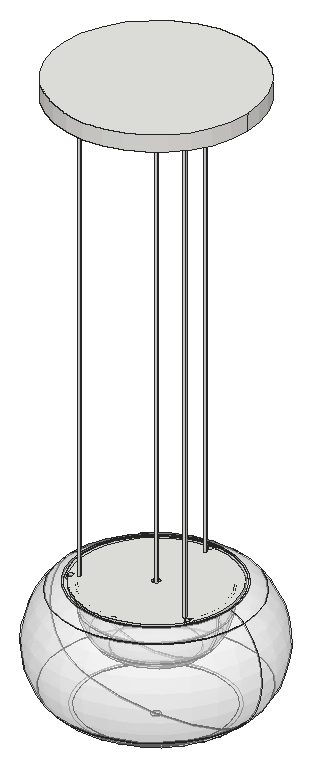
Revit family "Lighting_Pendants_Zero_Mist_Pendant", category Lighting Fixtures, Revit 2020
Family settings
  Round Connector Dimension = Use Diameter
  Part Type = Normal
  OmniClass Number = 23.80.70.00
  OmniClass Title = Lighting
  Work Plane-Based = Yes
  Always vertical = Yes
  Cut with Voids When Loaded = No
  Light Source = Yes
  Shared = No
  Room Calculation Point = No
Parameters (values of type "Mist pendant 250 LED 880LM/9W Opal")
  Youtube clip = ""
  Weight Net (Kg) = "3.8"
  Wattage = 5.92425 W
  WarrantyStartDate [instance] = "n/a"
  WarrantyGuarantorParts = "n/a"
  WarrantyGuarantorLabor = "n/a"
  WarrantyDurationUnit = "Year"
  WarrantyDurationParts = "n/a"
  WarrantyDurationLabor = "n/a"
  WarrantyDescription = "n/a"
  built-in parameter 1150110 = 1 (stored number, unit not read)
  VersionDate = "31/08/2023"  # constant formula
  Version = "3"  # constant formula
  UsageCurrent = 0 A
  Uniformat II Description = ""
  Uniformat II Code = ""
  Uniclass2015Reference = "Pr_70_70_48_86"
  Uniclass2015Description = "Suspended luminaires"
  Uniclass2 = "Pr_70_70_49_86"
  Uniclass 2015 Name = ""
  Uniclass 2015 Code = ""
  Uniclass 2.0 Description = ""
  Uniclass 2.0 Code = ""
  Uniclass 1.4 Description = ""
  Uniclass 1.4 Code = ""
  URL = "https://www.zerolighting.com/mist-inompe"
  UNSPSC Code = ""
  TotalWattage = 9 W
  built-in parameter 1114217 = 1 (stored number, unit not read)
  Tilt Angle = 90.00°
  built-in parameter 1150109 = 1 (stored number, unit not read)
  built-in parameter 1150134 = (empty or 0)
  Technical description = ""
  TagNumber [instance] = "n/a"
  SustainabilityPerformance = "n/a"
  built-in parameter 1150113 = 1 (stored number, unit not read)
  Size = "250x250x137 mm"
  Shape = "Sculptured"
  SerialNumber [instance] = "n/a"
  Revision = "5"  # constant formula
  ReplacementCost = "n/a"
  Region South America = "None"
  Region Oceania = "AU, NZ"
  Region North America = "BZ, CR, GT, HN, MX, NI, PA, SV, US"
  Region Middle East = "AE"
  Region Europe = "AD, AL, AT, AX, BA, BE, BG, BY, CH, CY, CZ, DE, DK, EE, ES, FI, FO, FR, GB, GG, GI, GR, HR, HU, IE, IM, IS, IT, JE, LI, LT, LU, LV, MC, MD, ME, MK, MT, NL, NO, PL, PT, RO, RS, RU, SE, SI, SJ, SK, SM, UA, VA"
  Region Asia = "HK, JP, SG"
  Region Antarctica = "None"
  Region Africa = "None"
  ProductInformation = "n/a"
  Product group = "Pendant"
  Product family = "Mist"
  Product certification = ""
  Product SKU = "Mist_pendant"
  Product Guid = "75491107-c07a-4c3c-99c6-d68a90697e70"
  Photometric Web File = "Mist83651.IES"
  PhaseReference = "n/a"
  PhaseAngle = 0.00°
  OmniClass Description = ""
  OmniClass Code = ""
  Offset [instance] = -CableLength - 18 mm - Nominal_Height  # -655 mm
  NumberOfSources = 0
  NumberOfPoles = 1
  Nominal_Height = 137 mm
  NominalVoltageCalc = 0 V
  NominalVoltage = 230 V
  NominalRadius = 125 mm
  NominalLength = 250 mm
  NominalFrequencyRange = 50 Hz
  NominalDiameter = 250 mm
  NominalCurrent = 0 A
  Nominal width = 0 mm
  Nominal height = 0 mm
  Name = "Zero_Mist_Pendant"  # constant formula
  NBSReference = "90-60-50/405"
  NBSDescription = "General purpose luminaires"
  NBS Reference Description = ""
  NBS Reference Code = ""
  ModelType = mist-pendel-250 : mist-pendel-250
  ModelReference = "n/a"
  ModelNumber = "8365-1-01"
  Model = "Mist pendant 250 LED 880LM/9W Opal"
  Material secondary = "Glass"
  Material main = "Steel"
  Material = "Metal and acrylic"
  Masterformat 2014 Description = ""
  Masterformat 2014 Code = ""
  ManufacturersSpecificInformation = "n/a"
  ManufacturerURL = "https://www.zerolighting.com/"
  ManufacturerName = "Zero"
  Manufacturer name = "ZERO"
  Manufacturer country = "Sweden"
  Manufacturer = "Zero"
  MaintenanceFactor = 0
  Lumens = 880 lm
  built-in parameter 1150115 = 1 (stored number, unit not read)
  built-in parameter 1150105 = 70.028 (stored number, unit not read)
  LightFixturePlacingType = "Ceiling"
  LightFixtureMountingType = "Suspended"
  LightFixtureMainMaterial = Opalwhite
  built-in parameter 1150137 = (empty or 0)
  built-in parameter 1150139 = (empty or 0)
  LensMaterial = Difused glass
  built-in parameter 1150112 = 1 (stored number, unit not read)
  built-in parameter 1150114 = 1 (stored number, unit not read)
  InsulationStandardClass = "n/a"
  InstallationDate [instance] = "n/a"
  Installation instructions = ""
  built-in parameter 1150132 = 2
  built-in parameter 1150102 = (empty or 0)
  built-in parameter 1150138 = (empty or 0)
  built-in parameter 1150107 = 3000 (stored number, unit not read)
  built-in parameter 1150106 = 0.70028 (stored number, unit not read)
  IfcExportType = "NOTDEFINED"  # constant formula
  IfcExportAs = "IfcLightFixtureType"  # constant formula
  IP_Code = "IP20"
  IFC Classification = ""
  HasProtectiveEarth = yes
  Grade = "n/a"
  GTIN code = ""
  Finish = "White painted metal, matt acrylic"
  Features = "Terminal block inside canopy"
  ExpectedLife = "n/a"
  Emit from Circle Diameter = NominalDiameter  # 250 mm
  Emit Shape Visible in Rendering = no
  ElectricalDeviceNominalPower = 0
  built-in parameter 1150104 = 13.8 (stored number, unit not read)
  Edition number = 1
  EANNumber = "n/a"
  DurationUnit = "Year"
  Dimming Lamp Color Temperature Shift = <None>
  Dimming = ""
  Designer = "Front Design 2017"
  Design country = "Sweden"
  DefaultElevation = 0 mm
  Default Elevation [instance] = 1219.2 mm
  Date of publishing = ""
  Constituents = "n/a"
  Color Filter = 16777215
  Color = "Opal"
  Collection = "Mist"
  CodePerformance = "n/a"
  Category = "Pendant"
  CableLength [instance] = 500 mm
  COBIe Type Category = ""
  Brand url = "http://www.zero.se"
  Brand = "Zero"
  Barcode [instance] = "n/a"
  built-in parameter 1114218 = 1 (stored number, unit not read)
  BIMObjectName = "Lighting_Pendants_Zero_Mist_Pendant"  # constant formula
  Author = "BIMstone"  # constant formula
  built-in parameter 1150133 = 10 (stored number, unit not read)
  AssetType = "Fixed"
  AssetIdentifier [instance] = "n/a"
  ArticleNumber = "8365-1-01"
  AccessibilityPerformance = "n/a"
Types (18, lengths in mm): name | Wattage | TotalWattage | Size | Photometric Web File | Offset | Nominal_Height | NominalRadius | NominalLength | NominalDiameter | ModelType | ModelNumber | Model | Lumens | built-in parameter 1150105 | LightFixtureMainMaterial | built-in parameter 1150106 | Emit from Circle Diameter | Dimming | Color | CableLength | ArticleNumber
  Mist pendant 250 LED 880LM/9W Opal | 5.92425 W | 9 W | "250x250x137 mm" | "Mist83651.IES" | -655 | 137 | 125 | 250 | 250 | mist-pendel-250 : mist-pendel-250 | "8365-1-01" | "Mist pendant 250 LED 880LM/9W Opal" | 880 lm | 70.028 (stored number, unit not read) | Opalwhite | 0.70028 (stored number, unit not read) | 250 | "" | "Opal" | 500 | "8365-1-01"
  Mist pendant 350 LED 1947LM/26W Opal | 13.1074 W | 26 W | "350x350x193 mm" | "Mist83653.IES" | -811 | 193 | 175 | 350 | 350 | mist-pendel-350 : mist-pendel-350 | "8365-3-01" | "Mist pendant 350 LED 1947LM/26W Opal" | 1947 lm | 352.55 (stored number, unit not read) | Opalwhite | 3.5255 (stored number, unit not read) | 350 | "" | "Opal" | 600 | "8365-3-01"
  Mist pendant 450 LED 2130LM/26W Opal | 14.3394 W | 26 W | "450x450x247 mm" | "Mist83655.IES" | -865 | 247 | 225 | 450 | 450 | mist-pendel-450 : mist-pendel-450 | "8365-5-01" | "Mist pendant 450 LED 2130LM/26W Opal" | 2130 lm | 385.69 (stored number, unit not read) | Opalwhite | 3.8569 (stored number, unit not read) | 450 | "" | "Opal" | 600 | "8365-5-01"
  Mist pendant 250 LED 880LM/9W Yellow | 5.92425 W | 9 W | "250x250x137 mm" | "Mist83651.IES" | -755 | 137 | 125 | 250 | 250 | mist-pendel-250 : mist-pendel-250 | "8365-1-14" | "Mist pendant 250 LED 880LM/9W Yellow" | 880 lm | 70.028 (stored number, unit not read) | Yellow | 0.70028 (stored number, unit not read) | 250 | "" | "Yellow" | 600 | "8365-1-14"
  Mist pendant 250 LED 880LM/9W Pink | 5.92425 W | 9 W | "250x250x137 mm" | "Mist83651.IES" | -755 | 137 | 125 | 250 | 250 | mist-pendel-250 : mist-pendel-250 | "8365-1-42" | "Mist pendant 250 LED 880LM/9W Pink" | 880 lm | 70.028 (stored number, unit not read) | Pink | 0.70028 (stored number, unit not read) | 250 | "" | "Pink" | 600 | "8365-1-42"
  Mist pendant 350 LED 1947LM/26W Yellow | 13.1074 W | 26 W | "350x350x193 mm" | "Mist83653.IES" | -811 | 193 | 175 | 350 | 350 | mist-pendel-350 : mist-pendel-350 | "8365-3-14" | "Mist pendant 350 LED 1947LM/26W Yellow" | 1947 lm | 352.55 (stored number, unit not read) | Yellow | 3.5255 (stored number, unit not read) | 350 | "" | "Yellow" | 600 | "8365-3-14"
  Mist pendant 350 LED 1947LM/26W Pink | 13.1074 W | 26 W | "350x350x193 mm" | "Mist83653.IES" | -811 | 193 | 175 | 350 | 350 | mist-pendel-350 : mist-pendel-350 | "8365-3-42" | "Mist pendant 350 LED 1947LM/26W Pink" | 1947 lm | 352.55 (stored number, unit not read) | Pink | 3.5255 (stored number, unit not read) | 350 | "" | "Pink" | 600 | "8365-3-42"
  Mist pendant 450 LED 2130LM/26W Yellow | 14.3394 W | 26 W | "450x450x247 mm" | "Mist83655.IES" | -865 | 247 | 225 | 450 | 450 | mist-pendel-450 : mist-pendel-450 | "8365-5-14" | "Mist pendant 450 LED 2130LM/26W Yellow" | 2130 lm | 385.69 (stored number, unit not read) | Yellow | 3.8569 (stored number, unit not read) | 450 | "" | "Yellow" | 600 | "8365-5-14"
  Mist pendant 450 LED 2130LM/26W Pink | 14.3394 W | 26 W | "450x450x247 mm" | "Mist83655.IES" | -865 | 247 | 225 | 450 | 450 | mist-pendel-450 : mist-pendel-450 | "8365-5-42" | "Mist pendant 450 LED 2130LM/26W Pink" | 2130 lm | 385.69 (stored number, unit not read) | Pink | 3.8569 (stored number, unit not read) | 450 | "" | "Pink" | 600 | "8365-5-42"
  Mist pendant 250 LED 880LM/9W Opal HFF | 5.92425 W | 9 W | "250x250x137 mm" | "Mist83651.IES" | -755 | 137 | 125 | 250 | 250 | mist-pendel-250 : mist-pendel-250 | "8365-1-01HFF" | "Mist pendant 250 LED 880LM/9W Opal HFF" | 880 lm | 70.028 (stored number, unit not read) | Opalwhite | 0.70028 (stored number, unit not read) | 250 | "Dimmable DALI or SwitchDim" | "Opal" | 600 | "8365-1-01HFF"
  Mist pendant 250 LED 880LM/9W Pink HFF | 5.92425 W | 9 W | "250x250x137 mm" | "Mist83651.IES" | -755 | 137 | 125 | 250 | 250 | mist-pendel-250 : mist-pendel-250 | "8365-1-42HFF" | "Mist pendant 250 LED 880LM/9W Pink HFF" | 880 lm | 70.028 (stored number, unit not read) | Pink | 0.70028 (stored number, unit not read) | 250 | "Dimmable DALI or SwitchDim" | "Pink" | 600 | "8365-1-42HFF"
  Mist pendant 250 LED 880LM/9W Yellow HFF | 5.92425 W | 9 W | "250x250x137 mm" | "Mist83651.IES" | -755 | 137 | 125 | 250 | 250 | mist-pendel-250 : mist-pendel-250 | "8365-1-14HFF" | "Mist pendant 250 LED 880LM/9W Yellow HFF" | 880 lm | 70.028 (stored number, unit not read) | Yellow | 0.70028 (stored number, unit not read) | 250 | "Dimmable DALI or SwitchDim" | "Yellow" | 600 | "8365-1-14HFF"
  Mist pendant 350 LED 1947LM/26W Opal HFF | 13.1074 W | 26 W | "350x350x193 mm" | "Mist83653.IES" | -811 | 193 | 175 | 350 | 350 | mist-pendel-350 : mist-pendel-350 | "8365-3-01HFF" | "Mist pendant 350 LED 1947LM/26W Opal HFF" | 1947 lm | 352.55 (stored number, unit not read) | Opalwhite | 3.5255 (stored number, unit not read) | 350 | "Dimmable DALI or SwitchDim" | "Opal" | 600 | "8365-3-01HFF"
  Mist pendant 350 LED 1947LM/26W Pink HFF | 13.1074 W | 26 W | "350x350x193 mm" | "Mist83653.IES" | -811 | 193 | 175 | 350 | 350 | mist-pendel-350 : mist-pendel-350 | "8365-3-42HFF" | "Mist pendant 350 LED 1947LM/26W Pink HFF" | 1947 lm | 352.55 (stored number, unit not read) | Pink | 3.5255 (stored number, unit not read) | 350 | "Dimmable DALI or SwitchDim" | "Pink" | 600 | "8365-3-42HFF"
  Mist pendant 350 LED 1947LM/26W Yellow HFF | 13.1074 W | 26 W | "350x350x193 mm" | "Mist83653.IES" | -811 | 193 | 175 | 350 | 350 | mist-pendel-350 : mist-pendel-350 | "8365-3-14HFF" | "Mist pendant 350 LED 1947LM/26W Yellow HFF" | 1947 lm | 352.55 (stored number, unit not read) | Yellow | 3.5255 (stored number, unit not read) | 350 | "Dimmable DALI or SwitchDim" | "Yellow" | 600 | "8365-3-14HFF"
  Mist pendant 450 LED 2130LM/26W Opal HFF | 14.3394 W | 26 W | "450x450x247 mm" | "Mist83655.IES" | -865 | 247 | 225 | 450 | 450 | mist-pendel-450 : mist-pendel-450 | "8365-5-01HFF" | "Mist pendant 450 LED 2130LM/26W Opal HFF" | 2130 lm | 385.69 (stored number, unit not read) | Opalwhite | 3.8569 (stored number, unit not read) | 450 | "Dimmable DALI or SwitchDim" | "Opal" | 600 | "8365-5-01HFF"
  Mist pendant 450 LED 2130LM/26W Pink HFF | 14.3394 W | 26 W | "450x450x247 mm" | "Mist83655.IES" | -865 | 247 | 225 | 450 | 450 | mist-pendel-450 : mist-pendel-450 | "8365-5-42HFF" | "Mist pendant 450 LED 2130LM/26W Pink HFF" | 2130 lm | 385.69 (stored number, unit not read) | Pink | 3.8569 (stored number, unit not read) | 450 | "Dimmable DALI or SwitchDim" | "Pink" | 600 | "8365-5-42HFF"
  Mist pendant 450 LED 2130LM/26W Yellow HFF | 14.3394 W | 26 W | "450x450x247 mm" | "Mist83655.IES" | -865 | 247 | 225 | 450 | 450 | mist-pendel-450 : mist-pendel-450 | "8365-5-14HFF" | "Mist pendant 450 LED 2130LM/26W Yellow HFF" | 2130 lm | 385.69 (stored number, unit not read) | Yellow | 3.8569 (stored number, unit not read) | 450 | "Dimmable DALI or SwitchDim" | "Yellow" | 600 | "8365-5-14HFF"
Reference planes
  plane 1 "Light Source Axis (F/B)": y = 0
  plane 2: z = 0
  plane 3 "Light Source Axis (L/R)": x = 0
  plane 4 "Ceiling": z = 0
  plane 5 "Light Source Elevation": z = -651
  plane 6: y = 125
  plane 7: y = -125
  plane 8: x = -125
  plane 9: x = 125
  plane 10: z = -518
  plane 11: z = -655
  plane 12: z = -18
  plane 13: z = 0
Forms (mm)
  Extrusion 1, solid, material "Opalwhite", detail levels medium+fine
    sketch origin (0, 0, -651) x (-1, 0, 0) y (0, -1, 0)
      loop
        circle (0, 0) r 1.5
      loop
        circle (0, -70) r 1.5
      loop
        circle (60.622, 35) r 1.5
      loop
        circle (-60.622, 35) r 1.5
    from 133 to 633
  Extrusion 2, solid, material "Opalwhite" <- "LightFixtureMainMaterial", detail levels coarse
    sketch origin (0, 0, 0) x (1, 0, 0) y (0, 0, 1)
      loop
        line (125, 0) -> (-125, 0) -> (-125, -655) -> (125, -655) -> (125, 0)
    from -125 to 125
  Extrusion 3, solid, material "Opalwhite" <- "LightFixtureMainMaterial", detail levels coarse
    sketch origin (0, 0, 0) x (0, 1, 0) y (0, 0, 1)
      loop
        line (125, -655) -> (125, 0) -> (-125, 0) -> (-125, -655) -> (125, -655)
    from -125 to 125
  Extrusion 4, solid, material "Opalwhite" <- "LightFixtureMainMaterial", detail levels medium+fine
    sketch origin (0, 0, -651) x (-1, 0, 0) y (0, -1, 0)
      loop
        circle (0, 0) r 105
    from 633 to 651
Lines and regions (mm)
  symbolic lines, detail levels fine
    curve 1: line (63.622, 0, 0) -> (57.622, 0, 0)
    curve 3: line (1.5, 0, 0) -> (-1.5, 0, 0)
    curve 5: line (-59.122, 0, 0) -> (-62.122, 0, 0)
    curve 6: line (0, 73, -18) -> (0, 67, -18)
    curve 7: line (0, 1.5, -18) -> (0, -1.5, -18)
    curve 8: line (0, -33.472, -18) -> (0, -36.501, -18)
  symbolic lines, detail levels medium+fine
    curve 2: line (57.622, 0, 0) -> (1.5, 0, 0)
    curve 4: line (-1.5, 0, 0) -> (-59.122, 0, 0)
    curve 21: line (-105, 0, -18) -> (105, 0, -18)
    curve 22: line (105, 0, 0) -> (-105, 0, 0)
    curve 23: line (105, 0, 0) -> (105, 0, -18)
    curve 24: line (-105, 0, 0) -> (-105, 0, -18)
    curve 25: line (0, -105, -18) -> (0, 105, -18)
    curve 26: line (0, 105, 0) -> (0, -105, 0)
    curve 27: line (0, 105, 0) -> (0, 105, -18)
    curve 28: line (0, -105, 0) -> (0, -105, -18)
  symbolic lines, detail levels coarse
    curve 9: line (0, 125, -655) -> (0, -125, -655)
    curve 10: line (0, 125, 0) -> (0, 125, -655)
    curve 11: line (0, -125, 0) -> (0, 125, 0)
    curve 12: line (0, -125, -655) -> (0, -125, 0)
    curve 13: line (125, 0, 0) -> (-125, 0, 0)
    curve 14: line (125, 0, -655) -> (125, 0, 0)
    curve 15: line (-125, 0, -655) -> (125, 0, -655)
    curve 16: line (-125, 0, 0) -> (-125, 0, -655)
    curve 17: line (125, 125, 0) -> (-125, 125, 0)
    curve 18: line (125, -125, 0) -> (125, 125, 0)
    curve 19: line (-125, -125, 0) -> (125, -125, 0)
    curve 20: line (-125, 125, 0) -> (-125, -125, 0)
Dimensions and locks
  equal spacing: plane 6, plane 1 "Light Source Axis (F/B)", plane 7
  "NominalLength": plane 6 to plane 7
  equal spacing: plane 8, plane 3 "Light Source Axis (L/R)", plane 9
  "NominalLength": plane 8 to plane 9
  "Nominal_Height": plane 10 to plane 11
  plane 1 "Light Source Axis (F/B)" to Extrusion 1 sketch curve = 70 mm
  plane 5 "Light Source Elevation" to plane 10 = 133 mm
  "CableLength": plane 10 to plane 12
  aligned and locked: plane 1 "Light Source Axis (F/B)" to imposter light
  aligned and locked: plane 5 "Light Source Elevation" to imposter light
  aligned and locked: plane 2 to Extrusion 2 sketch curve
  aligned and locked: Extrusion 2 sketch curve to plane 9
  aligned and locked: plane 11 to Extrusion 2 sketch curve
  aligned and locked: plane 8 to Extrusion 2 sketch curve
  aligned and locked: plane 6 to Extrusion 2
  aligned and locked: Extrusion 2 to plane 7
  aligned and locked: curve 6 to Extrusion 1
  aligned and locked: curve 9 to Extrusion 2
  aligned and locked: curve 10 to Extrusion 2
  aligned and locked: curve 11 to Extrusion 2
  aligned and locked: curve 12 to Extrusion 2
  aligned and locked: curve 13 to Extrusion 2
  aligned and locked: curve 14 to Extrusion 2
  aligned and locked: curve 15 to Extrusion 2
  aligned and locked: curve 16 to Extrusion 2
  aligned and locked: Extrusion 1 to plane 10
  aligned and locked: Extrusion 3 sketch curve to Extrusion 2  (x4)
  aligned and locked: plane 8 to Extrusion 3
  aligned and locked: Extrusion 3 to plane 9
  aligned and locked: curve 17 to plane 6
  aligned and locked: curve 18 to plane 9
  aligned and locked: plane 7 to curve 19
  aligned and locked: curve 20 to plane 8
  aligned and locked: level to Extrusion 4
  aligned and locked: curve 21 to Extrusion 4
  aligned and locked: curve 22 to Extrusion 4
  aligned and locked: plane 12 to Extrusion 4
  aligned and locked: Extrusion 4 to level
  aligned and locked: Extrusion 1 to Extrusion 4
  aligned and locked: curve 25 to Extrusion 4
  aligned and locked: curve 26 to Extrusion 4
  aligned and locked: plane 12 to curve 8
  aligned and locked: plane 12 to curve 7
Automatic sketch dimensions
  Extrusion 1 sketch curve to plane 3 "Light Source Axis (L/R)" = 0 mm  (x2)
  plane 1 "Light Source Axis (F/B)" to Extrusion 1 sketch curve = 0 mm
  plane 3 "Light Source Axis (L/R)" to Extrusion 1 sketch curve = 60.622 mm
  Extrusion 1 sketch curve to plane 3 "Light Source Axis (L/R)" = 60.622 mm
  plane 1 "Light Source Axis (F/B)" to Extrusion 1 sketch curve = 35 mm  (x2)
  plane 1 "Light Source Axis (F/B)" to Extrusion 4 sketch curve = 0 mm
  Extrusion 4 sketch curve to plane 3 "Light Source Axis (L/R)" = 0 mm
  curve 22 to level = 0 mm
  curve 5 to level = 0 mm
  curve 13 to level = 0 mm
  curve 3 to plane 3 "Light Source Axis (L/R)" = 1.5 mm
  plane 3 "Light Source Axis (L/R)" to curve 2 = 1.5 mm
  plane 9 to curve 21 = 20 mm
  curve 23 to curve 22 = 18 mm
  curve 21 to plane 8 = 20 mm
  curve 5 to curve 4 = 3 mm
  curve 1 to curve 1 = 6 mm
  plane 12 to curve 25 = 0 mm
  curve 26 to level = 0 mm
  plane 7 to curve 25 = 20 mm
  plane 1 "Light Source Axis (F/B)" to curve 8 = 36.501 mm
  curve 7 to plane 1 "Light Source Axis (F/B)" = 1.5 mm
  curve 27 to plane 6 = 20 mm
  curve 6 to curve 25 = 38 mm
  curve 6 to curve 6 = 6 mm
  plane 1 "Light Source Axis (F/B)" to curve 7 = 1.5 mm
  curve 8 to curve 8 = 3.029 mm
  curve 2 to curve 22 = 47.378 mm
  curve 22 to curve 4 = 45.878 mm
Nested families
  nested 1: "mist-pendel-250" at (0, 0, -655), Material1 <- "LightFixtureMainMaterial", Material2 <- "LensMaterial", type <- "ModelType", built-in parameter 1001364 <- "Offset", type "mist-pendel-250"
    with Material2 Difused glass, Material1 Opalwhite
Connectors
  electrical at (0, 0, 0), driven by "NominalVoltage"
    settings: on Extrusion 4, index 1, voltage 230 V, apparent load 0 VA, apparent load phase1 0 VA, apparent load phase2 0 VA, apparent load phase3 0 VA, power factor 1, load classification "Other", number of poles 1, system type 31, power factor state 1, is connector primary yes, connector utility no, sub classification motor no, connector description ""
Definition of nested family "mist-pendel-250"
  Parameters (values of type "mist-pendel-250")
    Material2 [instance] = none
    Material1 [instance] = none
    Default Elevation = 0 mm
  Reference planes
    plane 1 "Center (Front/Back)": y = 0
    plane 2: z = 0
    plane 3 "Center (Left/Right)": x = 0
  Forms (mm)
    Extrusion 1, solid, material <- "Material1", detail levels medium+fine
      sketch origin (0, 0, 0) x (1, 0, 0) y (0, 1, 0)
        loop
          arc (-4.267, 79.886) -> (-69.223, 40.102) -> (-71.424, -36.037) r 80
          arc (-71.424, -36.037) -> (-71.505, -41.163) -> (-67.032, -43.666) r 5
          arc (-67.032, -43.666) -> (0, -80) -> (67.032, -43.666) r 80
          arc (67.032, -43.666) -> (71.505, -41.163) -> (71.424, -36.037) r 5
          arc (71.424, -36.037) -> (69.223, 40.102) -> (4.267, 79.886) r 80
          arc (4.267, 79.886) -> (0, 82.28) -> (-4.267, 79.886) r 5
        loop
          circle (-67.172, -38.668) r 3
        loop
          circle (67.172, -38.668) r 3
        loop
          circle (0, 77.28) r 3
      from 135 to 137
    Revolve 2, solid, material <- "Material2", detail levels medium+fine
      sketch origin (0, 0, 0) x (1, 0, 0) y (0, 0, 1)
        loop
          arc (-73.549, 135) -> (-72.849, 134.686) -> (-72.515, 133.995) r 1.118
          arc (-72.515, 133.995) -> (-72.131, 122.982) -> (-71.276, 111.996) r 258.012
          arc (-71.276, 111.996) -> (-67.984, 97.851) -> (-61.173, 85.024) r 56.137
          arc (-61.173, 85.024) -> (-52.98, 76.45) -> (-42.68, 70.575) r 41.073
          arc (-42.68, 70.575) -> (-21.739, 64.418) -> (-0.047, 62.001) r 124.87
          line (-0.047, 62.001) -> (-0.047, 64.001)
          arc (-0.047, 64.001) -> (-21.368, 66.383) -> (-41.95, 72.437) r 122.87
          arc (-41.95, 72.437) -> (-51.749, 78.026) -> (-59.543, 86.182) r 39.073
          arc (-59.543, 86.182) -> (-66.111, 98.552) -> (-69.286, 112.193) r 54.137
          arc (-69.286, 112.193) -> (-70.133, 123.083) -> (-70.515, 134) r 256.012
          arc (-70.515, 134) -> (-70.563, 134.507) -> (-70.692, 135) r 3.169
          line (-70.692, 135) -> (-73.549, 135)
        axis (0, 62.001) -> (0, 135)
      angle from 0 to 360
    Extrusion 3, void
      sketch origin (0, 0, 0) x (1, 0, 0) y (0, 1, 0)
        loop
          circle (-0.047, 0) r 4.043
      from 119.164 to 151.07
    Revolve 4, solid, material <- "Material2", detail levels medium+fine
      sketch origin (0, 0, 0) x (1, 0, 0) y (0, 0, 1)
        loop
          line (-83.037, 137) -> (-85, 137)
          arc (-85, 137) -> (-93.843, 134.182) -> (-101.246, 128.584) r 27.513
          arc (-101.246, 128.584) -> (-122.08, 80.331) -> (-107.303, 29.891) r 77.427
          arc (-107.303, 29.891) -> (-94.284, 18.23) -> (-78.459, 10.812) r 60.048
          arc (-78.459, 10.812) -> (-42.125, 2.718) -> (-5, 0) r 254.944
          line (-5, 0) -> (0, 0) -> (0, 1) -> (-5, 1)
          arc (-5, 1) -> (-40.342, 3.471) -> (-74.996, 10.837) r 253.944
          arc (-74.996, 10.837) -> (-92.142, 18.467) -> (-106.526, 30.523) r 67.514
          arc (-106.526, 30.523) -> (-121.08, 80.295) -> (-100.517, 127.9) r 76.427
          arc (-100.517, 127.9) -> (-93.413, 133.278) -> (-84.93, 136) r 26.513
          line (-84.93, 136) -> (-83.037, 136) -> (-83.037, 137)
        axis (0, 0) -> (0, 137)
      angle from 0 to 360
  Cuts and joins
    Extrusion 3 cuts Extrusion 1
    Extrusion 3 cuts Revolve 2
  Lines and regions (mm)
    symbolic lines, detail levels medium+fine
      curve 1: line (-85, 0, 137) -> (85, 0, 137)
      curve 2: line (-85, 0, 137) -> (-107.303, 0, 29.891)
      curve 3: line (-107.303, 0, 29.891) -> (0, 0, 0)
      curve 4: line (85, 0, 137) -> (107.303, 0, 29.891)
      curve 5: line (107.303, 0, 29.891) -> (0, 0, 0)
      curve 6: line (0, 0, 137) -> (0, 85, 137)
      curve 7: line (0, 85, 137) -> (0, 0, 0)
      curve 8: line (0, 0, 137) -> (0, -85, 137)
      curve 9: line (0, -85, 137) -> (0, 0, 0)
      curve 10: circle (0.047, 0, 0) r 125 normal (0, 0, 1)
    symbolic lines, detail levels fine
      curve 11: circle (0, 0, 0) r 75 normal (0, 0, 1)
      curve 12: line (-72.515, 0, 133.995) -> (-72.515, 0, 137)
      curve 13: line (-72.515, 0, 133.995) -> (0, 0, 61.934)
      curve 14: line (72.515, 0, 133.995) -> (72.515, 0, 137)
      curve 15: line (72.515, 0, 133.995) -> (0, 0, 61.934)
      curve 16: line (0, 72.515, 133.995) -> (0, 72.515, 137)
      curve 17: line (0, 72.515, 133.995) -> (0, 0, 61.718)
      curve 18: line (0, -72.515, 133.995) -> (0, -72.515, 137)
      curve 19: line (0, -72.515, 133.995) -> (0, 0, 61.718)
  Dimensions and locks
    aligned and locked: level to plane 2
    aligned and locked: curve 1 to Revolve 4
    aligned and locked: curve 6 to Revolve 4
    aligned and locked: curve 12 to cut or joined group of Revolve 2, Extrusion 3
